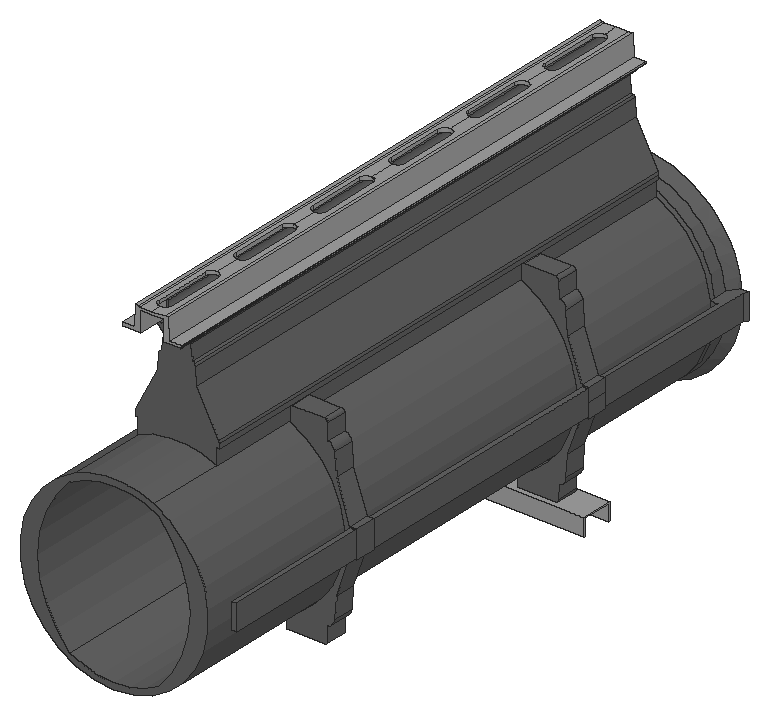
Revit family "PF_GEN_Qmax Neo_300_ACO", category Plumbing Fixtures, Revit 2021
Family settings
  Round Connector Dimension = Use Diameter
  Part Type = Normal
  OmniClass Number = 23.70.50.24
  OmniClass Title = Rainwater Removal
  Work Plane-Based = Yes
  Always vertical = No
  Cut with Voids When Loaded = Yes
  Shared = No
  Room Calculation Point = No
Parameters (values of type "Qmax Neo - 300")
  visible [instance] = 1 = 1  # yes
  slot_width = 25 mm  # constant formula
  region_index = 1  # constant formula
  productrange [instance] = "QMAX"  # constant formula
  instructions_for_use = "https://www.aco.de/produkte/infrastruktur-tiefbau/linienentwaesserung-infrastruktur/qmax-schwerlast-und-retentionsrinne-aus-kunststoff/qmax-neo-schwerlastrinne-aus-kunststoff-a-15-f-900"
  installation_manual = "https://www.aco.de/produkte/infrastruktur-tiefbau/linienentwaesserung-infrastruktur/qmax-schwerlast-und-retentionsrinne-aus-kunststoff/qmax-neo-schwerlastrinne-aus-kunststoff-a-15-f-900"
  e-mail Technical = ""
  e-mail Sales = ""
  dia_1 [instance] = 349 mm  # constant formula
  desc_ge [instance] = "ACO QMAX Neo 300 Guss Qflow 1m Auftr"  # constant formula
  Type Comments = "--"  # constant formula
  Telephone = "--"  # constant formula
  RSen_C_width = 366 mm  # constant formula
  RSen_C_material_01 = Iron, Ductile
  RSen_C_material = PE, Black
  RSen_C_length = 1000 mm  # constant formula
  RSen_C_description [instance] = if(region_index = 1, desc_uk, if(region_index = 2, desc_ge, "--"))  # "ACO QMAX Neo 300 Guss Qflow 1m anti floating"
  RSen_C_depth = 561 mm  # constant formula
  RSen_C_content_date_changed = "17-09-2024"  # constant formula
  Keynote = ""
  IfcExportType = "USERDEFINED"  # constant formula
  IfcExportAs = "IfcWasteTerminalType"  # constant formula
  IfcDescription = Description  # "QMAX Neo 300 Guss Qflow 1m anti floating"
  desc_uk [instance] = "ACO QMAX Neo 300 Guss Qflow 1m anti floating"  # constant formula
  URL = "https://www.aco.de/"
  RSen_S_net_mass [instance] = 10.00 kg  # constant formula
  RSen_C_intended_use = if(region_index = 1, "Drainage systems", if(region_index = 2, "Entwässerungssysteme", if(region_index = 3, "Afvoersystemen", "0")))  # "Drainage systems"
  RSen_C_info_technical = "https://www.aco.de/produkte/infrastruktur-tiefbau/linienentwaesserung-infrastruktur/qmax-schwerlast-und-retentionsrinne-aus-kunststoff/qmax-neo-schwerlastrinne-aus-kunststoff-a-15-f-900"
  RSen_C_info_commercial = "https://www.aco.de/produkte/infrastruktur-tiefbau/linienentwaesserung-infrastruktur/qmax-schwerlast-und-retentionsrinne-aus-kunststoff/qmax-neo-schwerlastrinne-aus-kunststoff-a-15-f-900"
  RSen_C_content_version = "1.0"  # constant formula
  RSen_C_content_creator = "ACO Technology Centre, INDIA"  # constant formula
  RSen_C_code_specification_URL = "https://www.aco.de/produkte/infrastruktur-tiefbau/linienentwaesserung-infrastruktur/qmax-schwerlast-und-retentionsrinne-aus-kunststoff/qmax-neo-schwerlastrinne-aus-kunststoff-a-15-f-900"
  RSen_C_code_manufacturer_gln = "--"  # constant formula
  RSen_C_code_gtin [instance] = "4002626906441\n"  # constant formula
  RSen_C_code_article [instance] = "157012"  # constant formula
  Model = "ACO QMAX Neo 300 Guss Qflow"  # constant formula
  Manufacturer = "ACO"  # constant formula
  Fax = "--"  # constant formula
  Description = "QMAX Neo 300 Guss Qflow 1m anti floating"  # constant formula
  Default Elevation = 0 mm
  Assembly Code = ""
Reference planes
  plane 1 "middle": y = 0
  plane 2: z = 0
  plane 3 "Center (Left/Right)": x = 29.712
  plane 4: y = 1000
  plane 5: z = -212
  plane 6: z = -561
  plane 7: z = -386.5
  plane 8: y = -1136
  plane 9: y = -54
  plane 10: y = -974
  plane 11: y = -1054
  plane 12: y = -1000
  plane 13: x = -159.788
  plane 14: x = 219.212
  plane 15: x = 219.212
  plane 16: x = -159.788
Forms (mm)
  Sweep 1, solid, material "PE, Black" <- "RSen_C_material"
    path origin (0, 0, 0) x (1, 0, 0) y (0, 0, 1)
      loop
        circle (29.712, -386.5) r 174.5
    profile origin (29.712, 0, -212) x (0, 0, -1) y (0, -1, 0)
      loop
        line (0, 0) -> (5.768, 0) -> (16.697, 19.008) -> (16.697, 42.925) -> (16.697, 974) -> (22, 974) -> (22, 1136) -> (17, 1136) -> (17, 979) -> (11.697, 979) -> (11.697, 42.925) -> (11.697, 20.343) -> (0, 0)
  Extrusion 2, solid, material "PE, Black" <- "RSen_C_material"
    sketch origin (0, 0, 0) x (1, 0, 0) y (0, 0, 1)
      loop
        arc (-38.788, -238.809) -> (29.712, -549.303) -> (98.212, -238.809) r 162.803
        arc (98.212, -238.809) -> (29.712, -223.697) -> (-38.788, -238.809) r 162.803
    from 54 to 1136
  Extrusion 3, void
    sketch origin (0, 0, 0) x (1, 0, 0) y (0, 0, 1)
      loop
        arc (-46.538, -254.431) -> (-101.54, -386.5) -> (-46.538, -518.569) r 186.061
        arc (-46.538, -518.569) -> (29.712, -539) -> (105.962, -518.569) r 152.5
        arc (105.962, -518.569) -> (160.964, -386.5) -> (105.962, -254.431) r 186.061
        arc (105.962, -254.431) -> (29.712, -234) -> (-46.538, -254.431) r 152.5
    from 0 to 1162.314
  Extrusion 4, solid, material "Iron, Ductile" <- "RSen_C_material_01"
    sketch origin (0, 0, 0) x (1, 0, 0) y (0, 0, 1)
      loop
        line (9.763, -40.7) -> (9.763, -6.094) -> (29.712, -6.094) -> (49.661, -6.094) -> (49.661, -40.7) -> (78.898, -40.7)
        arc (78.898, -40.7) -> (80.275, -40.151) -> (80.895, -38.805) r 2
        line (80.895, -38.805) -> (80.985, -37.098) -> (81.058, -35.7) -> (60.708, -35.7) -> (58.212, 0) -> (52.212, 0) -> (51.212, -1) -> (29.712, -1) -> (8.212, -1) -> (7.212, 0) -> (1.212, 0) -> (-1.284, -35.7) -> (-21.634, -35.7) -> (-21.561, -37.098) -> (-21.471, -38.805)
        arc (-21.471, -38.805) -> (-20.851, -40.151) -> (-19.474, -40.7) r 2
        line (-19.474, -40.7) -> (9.763, -40.7)
    from 54 to 1054
  Extrusion 5, void
    sketch origin (0, 0, 0) x (1, 0, 0) y (0, 1, 0)
      loop
        line (42.009, -191.4) -> (42.009, -91.4)
        arc (42.009, -91.4) -> (29.712, -79.103) -> (17.415, -91.4) r 12.297
        line (17.415, -91.4) -> (17.415, -191.4)
        arc (17.415, -191.4) -> (29.712, -203.697) -> (42.009, -191.4) r 12.297
      loop
        arc (42.009, -258.4) -> (29.712, -246.103) -> (17.415, -258.4) r 12.297
        line (17.415, -258.4) -> (17.415, -357.4)
        arc (17.415, -357.4) -> (29.712, -369.697) -> (42.009, -357.4) r 12.297
        line (42.009, -357.4) -> (42.009, -258.4)
      loop
        arc (17.415, -524.4) -> (29.712, -536.697) -> (42.009, -524.4) r 12.297
        line (42.009, -524.4) -> (42.009, -424.4)
        arc (42.009, -424.4) -> (29.712, -412.103) -> (17.415, -424.4) r 12.297
        line (17.415, -424.4) -> (17.415, -524.4)
      loop
        arc (17.415, -693.4) -> (29.712, -705.697) -> (42.009, -693.4) r 12.297
        line (42.009, -693.4) -> (42.009, -593.4)
        arc (42.009, -593.4) -> (29.712, -581.103) -> (17.415, -593.4) r 12.297
        line (17.415, -593.4) -> (17.415, -693.4)
      loop
        arc (17.415, -859.4) -> (29.712, -871.697) -> (42.009, -859.4) r 12.297
        line (42.009, -859.4) -> (42.009, -760.4)
        arc (42.009, -760.4) -> (29.712, -748.103) -> (17.415, -760.4) r 12.297
        line (17.415, -760.4) -> (17.415, -859.4)
      loop
        arc (17.415, -1025.395) -> (29.712, -1037.692) -> (42.009, -1025.395) r 12.297
        line (42.009, -1025.395) -> (42.009, -926.395)
        arc (42.009, -926.395) -> (29.712, -914.097) -> (17.415, -926.395) r 12.297
        line (17.415, -926.395) -> (17.415, -1025.395)
    from -20.239 to 28.174
  Extrusion 6, solid, material "PE, Black" <- "RSen_C_material"
    sketch origin (0, 0, 0) x (1, 0, 0) y (0, 0, 1)
      loop
        arc (-38.911, -247.933) -> (-2.611, -235.477) -> (35.533, -231.257) r 174.5
        arc (35.533, -231.257) -> (67.473, -234.205) -> (98.335, -242.95) r 174.5
        line (98.335, -242.95) -> (98.335, -212) -> (102.212, -212) -> (102.212, -204.417)
        arc (102.212, -204.417) -> (101.932, -202.068) -> (101.108, -199.85) r 10
        line (101.108, -199.85) -> (63.712, -127) -> (61.268, -99.063)
        arc (61.268, -99.063) -> (60.722, -97.19) -> (59.501, -95.669) r 5
        line (59.501, -95.669) -> (55.846, -92.602) -> (53.261, -65.906) -> (65.396, -53.771)
        arc (65.396, -53.771) -> (67.313, -51.084) -> (68.25, -47.919) r 10
        line (68.25, -47.919) -> (69.137, -40.7) -> (60.617, -40.7) -> (60.617, -47.918)
        arc (60.617, -47.918) -> (55.454, -51.5) -> (50.301, -47.902) r 5.5
        line (50.301, -47.902) -> (49.661, -45.453) -> (49.661, -11.506) -> (44.92, -11.506)
        arc (44.92, -11.506) -> (29.712, -30) -> (14.504, -11.506) r 15.5
        line (14.504, -11.506) -> (9.763, -11.506) -> (9.763, -45.453) -> (9.123, -47.902)
        arc (9.123, -47.902) -> (3.971, -51.5) -> (-1.193, -47.918) r 5.5
        line (-1.193, -47.918) -> (-1.193, -40.7) -> (-9.713, -40.7) -> (-8.826, -47.919)
        arc (-8.826, -47.919) -> (-7.889, -51.084) -> (-5.972, -53.771) r 10
        line (-5.972, -53.771) -> (6.163, -65.906) -> (3.579, -92.602) -> (-0.077, -95.669)
        arc (-0.077, -95.669) -> (-1.298, -97.19) -> (-1.844, -99.063) r 5
        line (-1.844, -99.063) -> (-4.288, -127) -> (-41.684, -199.85)
        arc (-41.684, -199.85) -> (-42.508, -202.068) -> (-42.788, -204.417) r 10
        line (-42.788, -204.417) -> (-42.788, -212) -> (-38.911, -212) -> (-38.911, -247.933)
    from 54 to 1000
  Extrusion 7, solid, material "PE, Black" <- "RSen_C_material"
    sketch origin (0, 0, 0) x (1, 0, 0) y (0, 0, 1)
      loop
        line (104.711, -212) -> (93.467, -212) -> (93.467, -237.493)
        arc (93.467, -237.493) -> (166.662, -297.919) -> (195.945, -388.203) r 169.649
        line (195.945, -388.203) -> (200.945, -388.203) -> (205.141, -388.203) -> (205.141, -366.492) -> (213.303, -366.492) -> (213.303, -388.5) -> (215.303, -388.5) -> (215.303, -364.5) -> (202.82, -364.5) -> (179.386, -296.79) -> (176.741, -258.954)
        arc (176.741, -258.954) -> (173.157, -250.227) -> (165.072, -245.366) r 15
        line (165.072, -245.366) -> (164.817, -217.948)
        spline (164.817, -217.948) -> (164.759, -217.169) -> (164.601, -216.405) -> (164.345, -215.668) -> (163.996, -214.97) -> (163.56, -214.323) -> (163.043, -213.739) -> (162.455, -213.227) -> (161.806, -212.795) -> (161.106, -212.452) -> (160.368, -212.202) -> (159.604, -212.051) -> (158.827, -212)
        line (158.827, -212) -> (104.711, -212)
    from 309.82 to 345.467
  Extrusion 8, solid, material "PE, Black" <- "RSen_C_material"
    sketch origin (-0.048, -498.782, 0) x (1, 0, 0) y (0, 0, 1)
      loop
        line (104.711, -212) -> (93.467, -212) -> (93.467, -237.493)
        arc (93.467, -237.493) -> (166.662, -297.919) -> (195.945, -388.203) r 169.649
        line (195.945, -388.203) -> (200.945, -388.203) -> (205.141, -388.203) -> (205.141, -366.492) -> (213.303, -366.492) -> (213.303, -388.5) -> (215.303, -388.5) -> (215.303, -364.5) -> (202.82, -364.5) -> (179.386, -296.79) -> (176.741, -258.954)
        arc (176.741, -258.954) -> (173.157, -250.227) -> (165.072, -245.366) r 15
        line (165.072, -245.366) -> (164.817, -217.948)
        spline (164.817, -217.948) -> (164.759, -217.169) -> (164.601, -216.405) -> (164.345, -215.668) -> (163.996, -214.97) -> (163.56, -214.323) -> (163.043, -213.739) -> (162.455, -213.227) -> (161.806, -212.795) -> (161.106, -212.452) -> (160.368, -212.202) -> (159.604, -212.051) -> (158.827, -212)
        line (158.827, -212) -> (104.711, -212)
    from 309.82 to 345.467
  Extrusion 9, solid, material "PE, Black" <- "RSen_C_material"
    sketch origin (59.424, 0, 0) x (-1, 0, 0) y (0, 0, -1)
      loop
        line (104.711, 212) -> (158.827, 212)
        spline (158.827, 212) -> (159.604, 212.051) -> (160.368, 212.202) -> (161.106, 212.452) -> (161.806, 212.795) -> (162.455, 213.227) -> (163.043, 213.739) -> (163.56, 214.323) -> (163.996, 214.97) -> (164.345, 215.668) -> (164.601, 216.405) -> (164.759, 217.169) -> (164.817, 217.948)
        line (164.817, 217.948) -> (165.072, 245.366)
        arc (165.072, 245.366) -> (173.157, 250.227) -> (176.741, 258.954) r 15
        line (176.741, 258.954) -> (179.386, 296.79) -> (202.82, 364.5) -> (215.303, 364.5) -> (215.303, 388.5) -> (213.303, 388.5) -> (213.303, 366.492) -> (205.141, 366.492) -> (205.141, 388.203) -> (200.945, 388.203) -> (195.945, 388.203)
        arc (195.945, 388.203) -> (166.662, 297.919) -> (93.467, 237.493) r 169.649
        line (93.467, 237.493) -> (93.467, 212) -> (104.711, 212)
    from 309.82 to 345.467
  Extrusion 10, solid, material "PE, Black" <- "RSen_C_material"
    sketch origin (59.472, -498.782, 0) x (-1, 0, 0) y (0, 0, -1)
      loop
        line (104.711, 212) -> (158.827, 212)
        spline (158.827, 212) -> (159.604, 212.051) -> (160.368, 212.202) -> (161.106, 212.452) -> (161.806, 212.795) -> (162.455, 213.227) -> (163.043, 213.739) -> (163.56, 214.323) -> (163.996, 214.97) -> (164.345, 215.668) -> (164.601, 216.405) -> (164.759, 217.169) -> (164.817, 217.948)
        line (164.817, 217.948) -> (165.072, 245.366)
        arc (165.072, 245.366) -> (173.157, 250.227) -> (176.741, 258.954) r 15
        line (176.741, 258.954) -> (179.386, 296.79) -> (202.82, 364.5) -> (215.303, 364.5) -> (215.303, 388.5) -> (213.303, 388.5) -> (213.303, 366.492) -> (205.141, 366.492) -> (205.141, 388.203) -> (200.945, 388.203) -> (195.945, 388.203)
        arc (195.945, 388.203) -> (166.662, 297.919) -> (93.467, 237.493) r 169.649
        line (93.467, 237.493) -> (93.467, 212) -> (104.711, 212)
    from 309.82 to 345.467
  Extrusion 11, solid, material "PE, Black" <- "RSen_C_material"
    sketch origin (59.424, 0, -777) x (-1, 0, 0) y (0, 0, -1)
      loop
        line (165.072, -245.366) -> (165.072, -220.366)
        arc (165.072, -220.366) -> (162.637, -217.2) -> (158.827, -216) r 6.649
        line (158.827, -216) -> (93.467, -216) -> (93.467, -237.493)
        arc (93.467, -237.493) -> (166.662, -297.919) -> (195.945, -388.203) r 169.649
        line (195.945, -388.203) -> (200.945, -388.203) -> (205.141, -388.203) -> (205.141, -366.492) -> (213.303, -366.492) -> (213.303, -388.5) -> (215.303, -388.5) -> (215.303, -364.5) -> (202.82, -364.5) -> (179.386, -296.79) -> (176.741, -258.954)
        arc (176.741, -258.954) -> (173.157, -250.227) -> (165.072, -245.366) r 15
    from 309.82 to 345.467
  Extrusion 12, solid, material "PE, Black" <- "RSen_C_material"
    sketch origin (0, 0, -777) x (1, 0, 0) y (0, 0, 1)
      loop
        line (104.711, 216) -> (158.864, 216)
        spline (158.864, 216) -> (159.642, 216.051) -> (160.406, 216.202) -> (161.144, 216.452) -> (161.843, 216.795) -> (162.492, 217.227) -> (163.08, 217.739) -> (163.597, 218.323) -> (164.033, 218.97) -> (164.382, 219.668) -> (164.638, 220.405) -> (164.796, 221.169) -> (164.854, 221.948)
        line (164.854, 221.948) -> (165.072, 245.366)
        arc (165.072, 245.366) -> (173.157, 250.227) -> (176.741, 258.954) r 15
        line (176.741, 258.954) -> (179.386, 296.79) -> (202.82, 364.5) -> (215.303, 364.5) -> (215.303, 388.5) -> (213.303, 388.5) -> (213.303, 366.492) -> (205.141, 366.492) -> (205.141, 388.203) -> (200.945, 388.203) -> (195.945, 388.203)
        arc (195.945, 388.203) -> (166.662, 297.919) -> (93.467, 237.493) r 169.649
        line (93.467, 237.493) -> (93.467, 216) -> (104.711, 216)
    from 309.82 to 345.467
  Extrusion 13, solid, material "PE, Black" <- "RSen_C_material"
    sketch origin (59.472, -498.782, -776.406) x (-1, 0, 0) y (0, 0, -1)
      loop
        line (165.072, -245.366) -> (164.817, -217.948)
        arc (164.817, -217.948) -> (162.107, -216.068) -> (158.875, -215.406) r 8.216
        line (158.875, -215.406) -> (93.467, -215.406) -> (93.467, -237.493)
        arc (93.467, -237.493) -> (166.662, -297.919) -> (195.945, -388.203) r 169.649
        line (195.945, -388.203) -> (200.945, -388.203) -> (205.141, -388.203) -> (205.141, -366.492) -> (213.303, -366.492) -> (213.303, -388.5) -> (215.303, -388.5) -> (215.303, -364.5) -> (202.82, -364.5) -> (179.386, -296.79) -> (176.741, -258.954)
        arc (176.741, -258.954) -> (173.157, -250.227) -> (165.072, -245.366) r 15
    from 309.82 to 345.467
  Extrusion 14, solid, material "PE, Black" <- "RSen_C_material"
    sketch origin (-0.048, -498.782, -776.406) x (1, 0, 0) y (0, 0, 1)
      loop
        line (104.711, 215.406) -> (158.827, 215.406)
        arc (158.827, 215.406) -> (162.081, 216.068) -> (164.817, 217.948) r 8.329
        line (164.817, 217.948) -> (165.072, 245.366)
        arc (165.072, 245.366) -> (173.157, 250.227) -> (176.741, 258.954) r 15
        line (176.741, 258.954) -> (179.386, 296.79) -> (202.82, 364.5) -> (215.303, 364.5) -> (215.303, 388.5) -> (213.303, 388.5) -> (213.303, 366.492) -> (205.141, 366.492) -> (205.141, 388.203) -> (200.945, 388.203) -> (195.945, 388.203)
        arc (195.945, 388.203) -> (166.662, 297.919) -> (93.467, 237.493) r 169.649
        line (93.467, 237.493) -> (93.467, 215.406) -> (104.711, 215.406)
    from 309.82 to 345.467
  Extrusion 15, solid, material "PE, Black" <- "RSen_C_material"
    sketch origin (0, 0, 0) x (1, 0, 0) y (0, 0, 1)
      loop
        line (-153.83, -366.492) -> (-153.83, -409.914) -> (-145.669, -409.914) -> (-145.669, -366.492) -> (-153.83, -366.492)
      loop
        line (213.254, -366.492) -> (205.141, -366.492) -> (205.141, -410.508) -> (213.254, -410.508) -> (213.254, -366.492)
    from 54 to 1102.053
  Extrusion 16, solid, material "PE, Black" <- "RSen_C_material"
    sketch origin (0, 0, 0) x (1, 0, 0) y (0, 1, 0)
      loop
        line (-158.059, -3.75) -> (-153.83, -11.106) -> (-153.83, -54) -> (-130.715, -54) -> (-130.715, -20.343) -> (-140.255, -3.75) -> (-143.059, -3.75) -> (-158.059, -3.75)
    from -409.914 to -366.492
  Extrusion 17, solid, material "PE, Black" <- "RSen_C_material"
    sketch origin (59.424, 0, 0) x (-1, 0, 0) y (0, -1, 0)
      loop
        line (-158.059, 3.75) -> (-143.059, 3.75) -> (-140.255, 3.75) -> (-130.715, 20.343) -> (-130.715, 54) -> (-153.83, 54) -> (-153.83, 11.106) -> (-158.059, 3.75)
    from -410.508 to -366.492
  Sweep 18, solid, material "Iron, Ductile" <- "RSen_C_material_01"
    path origin (29.712, -1524, -561) x (-1, 0, 0) y (0, -1, 0)
      loop
        line (185.591, -1196.357) -> (-185.591, -1196.357)
    profile origin (29.712, -327.643, -561) x (0, 1, 0) y (0, 0, 1)
      loop
        line (-28, -30) -> (-26, -30) -> (-26, -2) -> (26, -2) -> (26, -30) -> (28, -30) -> (28, 0) -> (-28, 0) -> (-28, -30)
Cuts and joins
  Extrusion 3 cuts Extrusion 2
  joined: Sweep 1, Extrusion 2, Extrusion 6, Extrusion 7, Extrusion 8, Extrusion 9, Extrusion 10, Extrusion 11, Extrusion 13, Extrusion 14, Extrusion 15, Extrusion 16, Extrusion 17
  Extrusion 5 cuts Extrusion 4
Dimensions and locks
  locked: plane 1 "middle" to plane 8 at 1136
  locked: plane 1 "middle" to plane 9 at 54
  locked: Sweep 1 sketch curve to Sweep 1 sketch curve at 5  (x2)
  Extrusion 4 to plane 3 "Center (Left/Right)" = 19.949 mm
  "RSen_C_length": plane 9 to plane 11
  locked: plane 1 "middle" to plane 10 at 974
  "RSen_C_depth": level to plane 6
  locked: cut or joined group of Extrusion 4, Extrusion 5 to cut or joined group of Extrusion 4, Extrusion 5 at 5.094
  locked: cut or joined group of Extrusion 4, Extrusion 5 to cut or joined group of Extrusion 4, Extrusion 5 at 5
  locked: level to cut or joined group of Extrusion 4, Extrusion 5 at 40.7
  cut or joined group 1 (Sweep 1, Extrusion 2, Extrusion 3, Extrusion 6, Extrusion 7, Extrusion 8, Extrusion 9, Extrusion 10, Extrusion 11, Extrusion 13, Extrusion 14, Extrusion 15, Extrusion 16, Extrusion 17) to Extrusion 6 = 136 mm
  locked: Sweep 18 sketch curve to Sweep 18 sketch curve at 371.181
  locked: Sweep 18 sketch curve to plane 3 "Center (Left/Right)" at 185.591
  Sweep 18 sketch curve to profile plane = 28 mm
  equal spacing: Sweep 18 sketch curve, profile plane, Sweep 18 sketch curve
  locked: Sweep 18 sketch curve to profile plane at 30
  locked: Sweep 18 sketch curve to Sweep 18 sketch curve at 2  (x3)
  "dia_1": diameter of Sweep 1 sketch curve
  aligned and locked: level to plane 2
  aligned and locked: plane 3 "Center (Left/Right)" to Sweep 1 sketch curve
  aligned and locked: plane 7 to Sweep 1 sketch curve
  aligned and locked: Sweep 1 sketch curve to plane 8
  aligned and locked: Sweep 1 sketch curve to profile plane
  aligned and locked: Extrusion 2 to plane 9
  aligned and locked: Sweep 1 sketch curve to plane 10
  aligned and locked: Extrusion 6 to plane 9
  aligned and locked: Extrusion 4 to cut or joined group 1
  aligned and locked: plane 12 to Extrusion 6
  aligned and locked: plane 11 to Extrusion 4
  aligned and locked: Extrusion 2 to Sweep 1
  aligned and locked: Extrusion 15 sketch curve to cut or joined group 1  (x6)
  aligned and locked: Extrusion 14 sketch curve to plane 6
  aligned and locked: Extrusion 12 sketch curve to plane 6
  aligned and locked: Sweep 18 sketch curve to Sweep 18 sketch curve  (x2)
  aligned and locked: Sweep 18 sketch curve to plane 6
Automatic sketch dimensions
  Sweep 1 sketch curve to profile plane = 0 mm
  Sweep 1 sketch curve to Sweep 1 sketch curve = 5.768 mm
  Sweep 1 sketch curve to profile plane = 11.697 mm
  Sweep 1 sketch curve to Sweep 1 sketch curve = 0.303 mm
  Sweep 1 sketch curve to Sweep 1 sketch curve = 5 mm
  plane 1 "middle" to Sweep 1 sketch curve = 19.008 mm
  Sweep 1 sketch curve to Sweep 1 sketch curve = 1.335 mm
  Sweep 1 sketch curve to Sweep 1 sketch curve = 22.582 mm
  Sweep 1 sketch curve to Sweep 1 sketch curve = 0 mm
  Extrusion 2 sketch curve to Extrusion 2 sketch curve = 0 mm  (x2)
  Extrusion 2 sketch curve to plane 3 "Center (Left/Right)" = 0 mm
  Extrusion 2 sketch curve to plane 7 = 0 mm
  Extrusion 2 sketch curve to plane 5 = 26.809 mm  (x2)
  Extrusion 2 sketch curve to plane 3 "Center (Left/Right)" = 68.5 mm
  Extrusion 3 sketch curve to Extrusion 3 sketch curve = 0 mm  (x2)
  Extrusion 3 sketch curve to plane 7 = 0 mm  (x3)
  Extrusion 3 sketch curve to plane 3 "Center (Left/Right)" = 0 mm
  Extrusion 3 sketch curve to Extrusion 3 sketch curve = 54.809 mm
  plane 3 "Center (Left/Right)" to Extrusion 3 sketch curve = 54.809 mm
  Extrusion 3 sketch curve to plane 3 "Center (Left/Right)" = 76.25 mm  (x2)
  plane 3 "Center (Left/Right)" to Extrusion 3 sketch curve = 76.25 mm
  plane 6 to Extrusion 3 sketch curve = 42.431 mm
  Extrusion 4 sketch curve to level = 0 mm  (x2)
  Extrusion 4 sketch curve to plane 3 "Center (Left/Right)" = 0 mm  (x2)
  Extrusion 4 sketch curve to level = 6.094 mm
  Extrusion 4 sketch curve to plane 3 "Center (Left/Right)" = 19.949 mm
  Extrusion 4 sketch curve to level = 1 mm
  Extrusion 4 sketch curve to Extrusion 4 sketch curve = 1.551 mm  (x2)
  Extrusion 4 sketch curve to Extrusion 4 sketch curve = 1 mm  (x2)
  Extrusion 4 sketch curve to Extrusion 4 sketch curve = 6 mm  (x2)
  Extrusion 4 sketch curve to Extrusion 4 sketch curve = 11.048 mm  (x2)
  Extrusion 4 sketch curve to Extrusion 4 sketch curve = 18.19 mm  (x2)
  Extrusion 4 sketch curve to level = 38.805 mm  (x2)
  Extrusion 4 sketch curve to Extrusion 4 sketch curve = 1.997 mm  (x2)
  Extrusion 4 sketch curve to Extrusion 4 sketch curve = 0.089 mm  (x2)
  Extrusion 4 sketch curve to Extrusion 4 sketch curve = 0.073 mm  (x2)
  plane 3 "Center (Left/Right)" to Extrusion 4 sketch curve = 19.949 mm
  Extrusion 4 sketch curve to Extrusion 4 sketch curve = 1.895 mm  (x2)
  Extrusion 4 sketch curve to Extrusion 4 sketch curve = 1.707 mm  (x2)
  Extrusion 4 sketch curve to Extrusion 4 sketch curve = 5 mm  (x2)
  Extrusion 5 sketch curve to plane 3 "Center (Left/Right)" = 0 mm  (x6)
  Extrusion 5 sketch curve to Extrusion 5 sketch curve = 12.297 mm  (x6)
  plane 12 to Extrusion 5 sketch curve = 25.395 mm
  Extrusion 5 sketch curve to plane 12 = 73.605 mm
  Extrusion 5 sketch curve to Extrusion 5 sketch curve = 66.995 mm
  Extrusion 5 sketch curve to Extrusion 5 sketch curve = 99 mm  (x2)
  Extrusion 5 sketch curve to Extrusion 5 sketch curve = 67 mm  (x3)
  Extrusion 5 sketch curve to Extrusion 5 sketch curve = 100 mm  (x2)
  Extrusion 5 sketch curve to Extrusion 5 sketch curve = 69 mm
  plane 9 to Extrusion 5 sketch curve = 37.4 mm
  Extrusion 6 sketch curve to Extrusion 6 sketch curve = 0 mm  (x3)
  Extrusion 6 sketch curve to plane 5 = 0 mm  (x2)
  Extrusion 6 sketch curve to plane 3 "Center (Left/Right)" = 0 mm
  Extrusion 6 sketch curve to plane 3 "Center (Left/Right)" = 15.208 mm
  Extrusion 6 sketch curve to Extrusion 6 sketch curve = 4.74 mm  (x2)
  Extrusion 6 sketch curve to Extrusion 6 sketch curve = 0.641 mm  (x2)
  Extrusion 6 sketch curve to Extrusion 6 sketch curve = 2.959 mm  (x2)
  Extrusion 6 sketch curve to Extrusion 6 sketch curve = 5.161 mm  (x2)
  Extrusion 6 sketch curve to plane 3 "Center (Left/Right)" = 26.133 mm
  Extrusion 6 sketch curve to Extrusion 6 sketch curve = 0.441 mm  (x2)
  Extrusion 6 sketch curve to Extrusion 6 sketch curve = 2.863 mm  (x2)
  Extrusion 6 sketch curve to Extrusion 6 sketch curve = 3.655 mm  (x2)
  Extrusion 6 sketch curve to Extrusion 6 sketch curve = 2.292 mm  (x2)
  Extrusion 6 sketch curve to Extrusion 6 sketch curve = 1.767 mm  (x2)
  Extrusion 6 sketch curve to Extrusion 6 sketch curve = 2.444 mm  (x2)
  Extrusion 6 sketch curve to Extrusion 6 sketch curve = 4.779 mm  (x2)
  Extrusion 6 sketch curve to Extrusion 6 sketch curve = 2.854 mm  (x2)
  Extrusion 6 sketch curve to Extrusion 6 sketch curve = 0.886 mm  (x2)
  plane 5 to Extrusion 6 sketch curve = 7.583 mm  (x2)
  Extrusion 6 sketch curve to plane 3 "Center (Left/Right)" = 62.5 mm
  Extrusion 6 sketch curve to Extrusion 6 sketch curve = 6.123 mm  (x2)
  plane 5 to Extrusion 6 sketch curve = 12.15 mm  (x2)
  Extrusion 6 sketch curve to Extrusion 6 sketch curve = 8.896 mm  (x2)
  plane 3 "Center (Left/Right)" to Extrusion 6 sketch curve = 5.821 mm
  Extrusion 6 sketch curve to level = 11.506 mm
  plane 3 "Center (Left/Right)" to Extrusion 6 sketch curve = 15.208 mm
  plane 3 "Center (Left/Right)" to Extrusion 6 sketch curve = 26.133 mm
  plane 3 "Center (Left/Right)" to Extrusion 6 sketch curve = 62.5 mm
  Extrusion 6 sketch curve to plane 5 = 30.95 mm
  Extrusion 6 sketch curve to Extrusion 6 sketch curve = 35.933 mm
  Extrusion 6 sketch curve to Extrusion 6 sketch curve = 72.85 mm
  Extrusion 6 sketch curve to Extrusion 6 sketch curve = 27.501 mm  (x2)
  Extrusion 6 sketch curve to Extrusion 6 sketch curve = 0.436 mm  (x2)
  Extrusion 6 sketch curve to Extrusion 6 sketch curve = 3.067 mm  (x2)
  Extrusion 6 sketch curve to Extrusion 6 sketch curve = 26.695 mm  (x2)
  Extrusion 6 sketch curve to Extrusion 6 sketch curve = 12.135 mm  (x2)
  Extrusion 6 sketch curve to Extrusion 6 sketch curve = 5.852 mm  (x2)
  Extrusion 6 sketch curve to Extrusion 6 sketch curve = 1.218 mm  (x2)
  Extrusion 6 sketch curve to Extrusion 6 sketch curve = 1.202 mm  (x2)
  Extrusion 6 sketch curve to Extrusion 6 sketch curve = 2.449 mm  (x2)
  Extrusion 6 sketch curve to Extrusion 6 sketch curve = 7.219 mm  (x2)
  Extrusion 6 sketch curve to level = 14.5 mm
  Extrusion 7 sketch curve to plane 5 = 0 mm
  Extrusion 7 sketch curve to plane 3 "Center (Left/Right)" = 3.34 mm
  Extrusion 7 sketch curve to plane 5 = 25.493 mm
  plane 3 "Center (Left/Right)" to Extrusion 7 sketch curve = 63.755 mm
  Extrusion 7 sketch curve to Extrusion 7 sketch curve = 11.244 mm
  Extrusion 7 sketch curve to Extrusion 7 sketch curve = 54.117 mm
  Extrusion 7 sketch curve to Extrusion 7 sketch curve = 2.95 mm
  Extrusion 7 sketch curve to plane 5 = 5.948 mm
  Extrusion 7 sketch curve to Extrusion 7 sketch curve = 5.99 mm
  Extrusion 7 sketch curve to plane 5 = 33.366 mm
  Extrusion 7 sketch curve to Extrusion 7 sketch curve = 3.295 mm
  Extrusion 7 sketch curve to plane 5 = 46.954 mm
  Extrusion 7 sketch curve to Extrusion 7 sketch curve = 14.963 mm
  Extrusion 7 sketch curve to Extrusion 7 sketch curve = 2.646 mm
  Extrusion 7 sketch curve to plane 7 = 1.703 mm
  Extrusion 7 sketch curve to Extrusion 7 sketch curve = 16.558 mm
  Extrusion 7 sketch curve to Extrusion 7 sketch curve = 5 mm
  plane 7 to Extrusion 7 sketch curve = 22 mm
  Extrusion 7 sketch curve to Extrusion 7 sketch curve = 1.875 mm
  Extrusion 7 sketch curve to Extrusion 7 sketch curve = 4.197 mm
  Extrusion 7 sketch curve to Extrusion 7 sketch curve = 8.161 mm
  Extrusion 7 sketch curve to Extrusion 7 sketch curve = 2 mm
  Extrusion 7 sketch curve to plane 7 = 2 mm
  Extrusion 7 sketch curve to Extrusion 7 sketch curve = 1.992 mm
  Extrusion 7 sketch curve to Extrusion 7 sketch curve = 37.837 mm
  Extrusion 7 sketch curve to plane 5 = 0.049 mm
  Extrusion 7 sketch curve to Extrusion 7 sketch curve = 0.764 mm
  Extrusion 8 sketch curve to plane 5 = 0 mm
  Extrusion 8 sketch curve to plane 3 "Center (Left/Right)" = 3.388 mm
  Extrusion 8 sketch curve to plane 5 = 25.493 mm
  plane 3 "Center (Left/Right)" to Extrusion 8 sketch curve = 63.707 mm
  Extrusion 8 sketch curve to Extrusion 8 sketch curve = 11.244 mm
  Extrusion 8 sketch curve to Extrusion 8 sketch curve = 54.117 mm
  Extrusion 8 sketch curve to Extrusion 8 sketch curve = 2.95 mm
  Extrusion 8 sketch curve to plane 5 = 5.948 mm
  Extrusion 8 sketch curve to Extrusion 8 sketch curve = 5.99 mm
  Extrusion 8 sketch curve to plane 5 = 33.366 mm
  Extrusion 8 sketch curve to Extrusion 8 sketch curve = 3.295 mm
  Extrusion 8 sketch curve to plane 5 = 46.954 mm
  Extrusion 8 sketch curve to Extrusion 8 sketch curve = 14.963 mm
  Extrusion 8 sketch curve to Extrusion 8 sketch curve = 2.646 mm
  Extrusion 8 sketch curve to plane 7 = 1.703 mm
  Extrusion 8 sketch curve to Extrusion 8 sketch curve = 16.558 mm
  Extrusion 8 sketch curve to Extrusion 8 sketch curve = 5 mm
  plane 7 to Extrusion 8 sketch curve = 22 mm
  Extrusion 8 sketch curve to Extrusion 8 sketch curve = 1.875 mm
  Extrusion 8 sketch curve to Extrusion 8 sketch curve = 4.197 mm
  Extrusion 8 sketch curve to Extrusion 8 sketch curve = 8.161 mm
  Extrusion 8 sketch curve to Extrusion 8 sketch curve = 2 mm
  Extrusion 8 sketch curve to plane 7 = 2 mm
  Extrusion 8 sketch curve to Extrusion 8 sketch curve = 1.992 mm
  Extrusion 8 sketch curve to Extrusion 8 sketch curve = 37.837 mm
  Extrusion 8 sketch curve to plane 5 = 0.049 mm
  Extrusion 8 sketch curve to Extrusion 8 sketch curve = 0.764 mm
  Extrusion 9 sketch curve to plane 5 = 0 mm
  Extrusion 9 sketch curve to plane 3 "Center (Left/Right)" = 3.34 mm
  plane 5 to Extrusion 9 sketch curve = 25.493 mm
  plane 3 "Center (Left/Right)" to Extrusion 9 sketch curve = 63.755 mm
  Extrusion 9 sketch curve to Extrusion 9 sketch curve = 11.244 mm
  Extrusion 9 sketch curve to Extrusion 9 sketch curve = 54.117 mm
  Extrusion 9 sketch curve to Extrusion 9 sketch curve = 2.95 mm
  plane 5 to Extrusion 9 sketch curve = 5.948 mm
  Extrusion 9 sketch curve to Extrusion 9 sketch curve = 5.99 mm
  plane 5 to Extrusion 9 sketch curve = 33.366 mm
  Extrusion 9 sketch curve to Extrusion 9 sketch curve = 3.295 mm
  plane 5 to Extrusion 9 sketch curve = 46.954 mm
  Extrusion 9 sketch curve to Extrusion 9 sketch curve = 14.963 mm
  Extrusion 9 sketch curve to Extrusion 9 sketch curve = 2.646 mm
  plane 7 to Extrusion 9 sketch curve = 1.703 mm
  Extrusion 9 sketch curve to Extrusion 9 sketch curve = 16.558 mm
  Extrusion 9 sketch curve to Extrusion 9 sketch curve = 5 mm
  Extrusion 9 sketch curve to plane 7 = 22 mm
  Extrusion 9 sketch curve to Extrusion 9 sketch curve = 1.875 mm
  Extrusion 9 sketch curve to Extrusion 9 sketch curve = 4.197 mm
  Extrusion 9 sketch curve to Extrusion 9 sketch curve = 8.161 mm
  Extrusion 9 sketch curve to Extrusion 9 sketch curve = 2 mm
  plane 7 to Extrusion 9 sketch curve = 2 mm
  Extrusion 9 sketch curve to Extrusion 9 sketch curve = 1.992 mm
  Extrusion 9 sketch curve to Extrusion 9 sketch curve = 37.837 mm
  plane 5 to Extrusion 9 sketch curve = 0.049 mm
  Extrusion 9 sketch curve to Extrusion 9 sketch curve = 0.764 mm
  Extrusion 10 sketch curve to plane 5 = 0 mm
  plane 3 "Center (Left/Right)" to Extrusion 10 sketch curve = 3.388 mm
  Extrusion 10 sketch curve to plane 5 = 25.493 mm
  Extrusion 10 sketch curve to plane 3 "Center (Left/Right)" = 63.707 mm
  Extrusion 10 sketch curve to Extrusion 10 sketch curve = 11.244 mm
  Extrusion 10 sketch curve to Extrusion 10 sketch curve = 54.117 mm
  Extrusion 10 sketch curve to Extrusion 10 sketch curve = 2.95 mm
  Extrusion 10 sketch curve to plane 5 = 5.948 mm
  Extrusion 10 sketch curve to Extrusion 10 sketch curve = 5.99 mm
  Extrusion 10 sketch curve to plane 5 = 33.366 mm
  Extrusion 10 sketch curve to Extrusion 10 sketch curve = 3.295 mm
  Extrusion 10 sketch curve to plane 5 = 46.954 mm
  Extrusion 10 sketch curve to Extrusion 10 sketch curve = 14.963 mm
  Extrusion 10 sketch curve to Extrusion 10 sketch curve = 2.646 mm
  Extrusion 10 sketch curve to plane 7 = 1.703 mm
  Extrusion 10 sketch curve to Extrusion 10 sketch curve = 16.558 mm
  Extrusion 10 sketch curve to Extrusion 10 sketch curve = 5 mm
  plane 7 to Extrusion 10 sketch curve = 22 mm
  Extrusion 10 sketch curve to Extrusion 10 sketch curve = 1.875 mm
  Extrusion 10 sketch curve to Extrusion 10 sketch curve = 4.197 mm
  Extrusion 10 sketch curve to Extrusion 10 sketch curve = 8.161 mm
  Extrusion 10 sketch curve to Extrusion 10 sketch curve = 2 mm
  Extrusion 10 sketch curve to Extrusion 10 sketch curve = 37.837 mm
  Extrusion 10 sketch curve to Extrusion 10 sketch curve = 1.992 mm
  Extrusion 10 sketch curve to plane 7 = 2 mm
  Extrusion 10 sketch curve to plane 5 = 0.049 mm
  Extrusion 10 sketch curve to Extrusion 10 sketch curve = 0.764 mm
  plane 3 "Center (Left/Right)" to Extrusion 12 sketch curve = 3.34 mm
  Extrusion 12 sketch curve to plane 6 = 21.493 mm
  Extrusion 12 sketch curve to plane 3 "Center (Left/Right)" = 63.755 mm
  Extrusion 12 sketch curve to Extrusion 12 sketch curve = 11.244 mm
  Extrusion 12 sketch curve to Extrusion 12 sketch curve = 54.154 mm
  Extrusion 12 sketch curve to Extrusion 12 sketch curve = 2.913 mm
  Extrusion 12 sketch curve to plane 6 = 5.948 mm
  Extrusion 12 sketch curve to Extrusion 12 sketch curve = 5.99 mm
  Extrusion 12 sketch curve to plane 6 = 29.366 mm
  Extrusion 12 sketch curve to Extrusion 12 sketch curve = 3.295 mm
  Extrusion 12 sketch curve to plane 6 = 42.954 mm
  Extrusion 12 sketch curve to Extrusion 12 sketch curve = 14.963 mm
  Extrusion 12 sketch curve to Extrusion 12 sketch curve = 2.646 mm
  plane 7 to Extrusion 12 sketch curve = 2.297 mm
  Extrusion 12 sketch curve to Extrusion 12 sketch curve = 16.558 mm
  Extrusion 12 sketch curve to Extrusion 12 sketch curve = 5 mm
  plane 7 to Extrusion 12 sketch curve = 26 mm
  Extrusion 12 sketch curve to Extrusion 12 sketch curve = 1.875 mm
  Extrusion 12 sketch curve to Extrusion 12 sketch curve = 4.197 mm
  Extrusion 12 sketch curve to Extrusion 12 sketch curve = 8.161 mm
  Extrusion 12 sketch curve to Extrusion 12 sketch curve = 2 mm
  plane 7 to Extrusion 12 sketch curve = 2 mm
  Extrusion 12 sketch curve to Extrusion 12 sketch curve = 1.992 mm
  Extrusion 12 sketch curve to Extrusion 12 sketch curve = 37.837 mm
  Extrusion 12 sketch curve to Extrusion 12 sketch curve = 0.764 mm
  Extrusion 12 sketch curve to plane 6 = 6 mm
  plane 9 to Extrusion 16 sketch curve = 0 mm
  plane 13 to Extrusion 16 sketch curve = 1.728 mm
  plane 13 to Extrusion 16 sketch curve = 5.958 mm
  plane 1 "middle" to Extrusion 16 sketch curve = 3.75 mm
  Extrusion 16 sketch curve to Extrusion 16 sketch curve = 10.771 mm
  Extrusion 16 sketch curve to Extrusion 16 sketch curve = 2.804 mm
  Extrusion 16 sketch curve to Extrusion 16 sketch curve = 23.115 mm
  Extrusion 16 sketch curve to Extrusion 16 sketch curve = 16.593 mm
  Extrusion 16 sketch curve to Extrusion 16 sketch curve = 7.356 mm
  plane 9 to Extrusion 17 sketch curve = 0 mm
  Extrusion 17 sketch curve to plane 15 = 1.728 mm
  Extrusion 17 sketch curve to plane 15 = 5.958 mm
  Extrusion 17 sketch curve to plane 1 "middle" = 3.75 mm
  Extrusion 17 sketch curve to Extrusion 17 sketch curve = 10.771 mm
  Extrusion 17 sketch curve to Extrusion 17 sketch curve = 2.804 mm
  Extrusion 17 sketch curve to Extrusion 17 sketch curve = 23.115 mm
  Extrusion 17 sketch curve to Extrusion 17 sketch curve = 16.593 mm
  Extrusion 17 sketch curve to Extrusion 17 sketch curve = 7.356 mm
  Extrusion 14 sketch curve to plane 3 "Center (Left/Right)" = 3.388 mm
  plane 3 "Center (Left/Right)" to Extrusion 14 sketch curve = 63.707 mm
  Extrusion 14 sketch curve to Extrusion 14 sketch curve = 11.244 mm
  Extrusion 14 sketch curve to Extrusion 14 sketch curve = 54.117 mm
  Extrusion 14 sketch curve to Extrusion 14 sketch curve = 2.95 mm
  plane 6 to Extrusion 14 sketch curve = 29.96 mm
  Extrusion 14 sketch curve to Extrusion 14 sketch curve = 3.295 mm
  plane 6 to Extrusion 14 sketch curve = 43.548 mm
  Extrusion 14 sketch curve to Extrusion 14 sketch curve = 14.963 mm
  Extrusion 14 sketch curve to Extrusion 14 sketch curve = 2.646 mm
  Extrusion 14 sketch curve to plane 7 = 1.703 mm
  Extrusion 14 sketch curve to Extrusion 14 sketch curve = 16.558 mm
  Extrusion 14 sketch curve to Extrusion 14 sketch curve = 5 mm
  Extrusion 14 sketch curve to Extrusion 14 sketch curve = 1.875 mm
  Extrusion 14 sketch curve to Extrusion 14 sketch curve = 2.322 mm
  Extrusion 14 sketch curve to plane 7 = 1.406 mm
  Extrusion 14 sketch curve to Extrusion 14 sketch curve = 8.161 mm
  Extrusion 14 sketch curve to Extrusion 14 sketch curve = 2 mm
  Extrusion 14 sketch curve to Extrusion 14 sketch curve = 22.087 mm
  Extrusion 14 sketch curve to Extrusion 14 sketch curve = 37.837 mm
  Extrusion 14 sketch curve to Extrusion 14 sketch curve = 23.703 mm
  Extrusion 14 sketch curve to Extrusion 14 sketch curve = 1.992 mm
  plane 6 to Extrusion 14 sketch curve = 2.542 mm
  Extrusion 14 sketch curve to Extrusion 14 sketch curve = 5.99 mm
  Extrusion 13 sketch curve to plane 6 = 0 mm
  plane 3 "Center (Left/Right)" to Extrusion 13 sketch curve = 3.388 mm
  plane 6 to Extrusion 13 sketch curve = 22.087 mm
  Extrusion 13 sketch curve to plane 3 "Center (Left/Right)" = 63.707 mm
  Extrusion 13 sketch curve to Extrusion 13 sketch curve = 65.409 mm
  Extrusion 13 sketch curve to Extrusion 13 sketch curve = 2.902 mm
  plane 6 to Extrusion 13 sketch curve = 29.96 mm
  Extrusion 13 sketch curve to Extrusion 13 sketch curve = 3.295 mm
  plane 6 to Extrusion 13 sketch curve = 43.548 mm
  Extrusion 13 sketch curve to Extrusion 13 sketch curve = 14.963 mm
  Extrusion 13 sketch curve to Extrusion 13 sketch curve = 2.646 mm
  Extrusion 13 sketch curve to plane 7 = 1.703 mm
  Extrusion 13 sketch curve to Extrusion 13 sketch curve = 16.558 mm
  Extrusion 13 sketch curve to Extrusion 13 sketch curve = 5 mm
  Extrusion 13 sketch curve to plane 7 = 25.406 mm
  Extrusion 13 sketch curve to Extrusion 13 sketch curve = 1.875 mm
  Extrusion 13 sketch curve to Extrusion 13 sketch curve = 2.322 mm
  Extrusion 13 sketch curve to Extrusion 13 sketch curve = 8.161 mm
  Extrusion 13 sketch curve to Extrusion 13 sketch curve = 2 mm
  Extrusion 13 sketch curve to plane 7 = 1.406 mm
  Extrusion 13 sketch curve to Extrusion 13 sketch curve = 1.992 mm
  Extrusion 13 sketch curve to Extrusion 13 sketch curve = 37.837 mm
  plane 6 to Extrusion 13 sketch curve = 2.542 mm
  Extrusion 13 sketch curve to Extrusion 13 sketch curve = 5.942 mm
  Extrusion 11 sketch curve to plane 6 = 0 mm
  plane 3 "Center (Left/Right)" to Extrusion 11 sketch curve = 3.34 mm
  plane 6 to Extrusion 11 sketch curve = 21.493 mm
  Extrusion 11 sketch curve to plane 3 "Center (Left/Right)" = 63.755 mm
  plane 6 to Extrusion 11 sketch curve = 6.649 mm
  Extrusion 11 sketch curve to Extrusion 11 sketch curve = 65.36 mm
  Extrusion 11 sketch curve to Extrusion 11 sketch curve = 2.95 mm
  Extrusion 11 sketch curve to Extrusion 11 sketch curve = 3.295 mm
  plane 6 to Extrusion 11 sketch curve = 42.954 mm
  Extrusion 11 sketch curve to Extrusion 11 sketch curve = 14.963 mm
  Extrusion 11 sketch curve to Extrusion 11 sketch curve = 2.646 mm
  Extrusion 11 sketch curve to plane 7 = 2.297 mm
  Extrusion 11 sketch curve to Extrusion 11 sketch curve = 16.558 mm
  Extrusion 11 sketch curve to Extrusion 11 sketch curve = 5 mm
  Extrusion 11 sketch curve to plane 7 = 26 mm
  Extrusion 11 sketch curve to Extrusion 11 sketch curve = 1.875 mm
  Extrusion 11 sketch curve to Extrusion 11 sketch curve = 2.322 mm
  Extrusion 11 sketch curve to Extrusion 11 sketch curve = 8.161 mm
  Extrusion 11 sketch curve to Extrusion 11 sketch curve = 2 mm
  Extrusion 11 sketch curve to plane 7 = 2 mm
  Extrusion 11 sketch curve to Extrusion 11 sketch curve = 1.992 mm
  Extrusion 11 sketch curve to Extrusion 11 sketch curve = 37.837 mm
  Extrusion 11 sketch curve to Extrusion 11 sketch curve = 1.046 mm
  plane 9 to Sweep 18 sketch curve = 273.643 mm
  profile plane to Sweep 18 sketch curve = 28 mm
  Extrusion 15 sketch curve to Extrusion 15 sketch curve = 8.113 mm
  Extrusion 15 sketch curve to plane 7 = 24.008 mm
